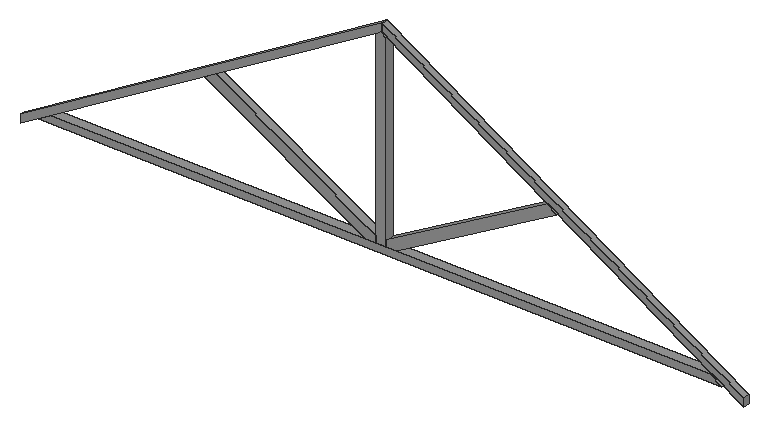
Revit family "QueenPostTruss", category Structural Framing, Revit 2023
Family settings
  Section Shape = Not Defined
  Material for Model Behavior = Wood
  Always export as geometry = No
  OmniClass Number = 23.25.30.21.14
  OmniClass Title = Trussed Beams and Joists
  Work Plane-Based = No
  Always vertical = Yes
  Cut with Voids When Loaded = No
  Symbolic Representation = From Family
  Shared = No
  Show family pre-cut in plan views = Yes
Parameters
  WebWidth [instance] = 120 mm
  WebDepth [instance] = 150 mm
  T_Volume [instance] = 0.00 m³
  TopWidth [instance] = 80 mm
  Structural Material [instance] = Poche
  SpanRight [instance] = 5000 mm
  SpanLeft [instance] = 5000 mm
  Span [instance] = SpanLeft + SpanRight  # 10000 mm
  SlopeRight [instance] = 30.00°
  SlopeLeft [instance] = 30.00°
  OverhangRight [instance] = 300 mm
  OverhangLeft [instance] = 300 mm
  TopDepth [instance] = 100 mm
  BottomWidth [instance] = 150 mm
  BottomDepth [instance] = 100 mm
Reference planes
  plane 1 "Center (Front/Back)": y = 0
  plane 2: z = 0
  plane 3 "Center (Left/Right)": x = 0
  plane 4: x = -5000
  plane 5: x = 5000
  plane 6: x = 5300
  plane 7: x = -5300
  plane 8: z = 100
  plane 9: x = 75
  plane 10: x = -75
  plane 11: x = 2500
  plane 12: x = -2500
Forms (mm)
  Extrusion 1, solid, material "Cherry"
    sketch origin (0, 0, 0) x (1, 0, 0) y (0, 0, 1)
      loop
        line (-5300, -173.205) -> (0, 2886.751) -> (0, 3002.221) -> (-5300, -57.735) -> (-5300, -173.205)
    from -40 to 40
  Extrusion 2, solid, material "Cherry"
    sketch origin (0, 0, 0) x (1, 0, 0) y (0, 0, 1)
      loop
        line (5300, -173.205) -> (5300, -57.735) -> (0, 3002.221) -> (0, 2886.751) -> (5300, -173.205)
    from -40 to 40
  Extrusion 3, solid, material "Cherry"
    sketch origin (0, 0, 0) x (1, 0, 0) y (0, 0, 1)
      loop
        line (-5000, 0) -> (5000, 0) -> (4826.795, 100) -> (-4826.795, 100) -> (-5000, 0)
    from -75 to 75
  Extrusion 4, solid, material "Cherry"
    sketch origin (0, 0, 0) x (1, 0, 0) y (0, 0, 1)
      loop
        line (75, 100) -> (75, 2843.45) -> (0, 2886.751) -> (-75, 2843.45) -> (-75, 100) -> (75, 100)
    from -60 to 60
  Extrusion 5, solid, material "Cherry"
    sketch origin (0, 0, 0) x (1, 0, 0) y (0, 0, 1)
      loop
        line (229.772, 100) -> (2575.787, 1399.62) -> (2424.213, 1487.131) -> (75, 185.739) -> (75, 100) -> (229.772, 100)
    from -60 to 60
  Extrusion 6, solid, material "Cherry"
    sketch origin (0, 0, 0) x (1, 0, 0) y (0, 0, 1)
      loop
        line (-229.772, 100) -> (-75, 100) -> (-75, 185.739) -> (-2424.213, 1487.131) -> (-2575.787, 1399.62) -> (-229.772, 100)
    from -60 to 60
Lines and regions (mm)
  reference lines
    curve 1: line (5000, 0, 0) -> (2315.321, 0, 1550)
    curve 2: line (-5000, 0, 0) -> (-1968.911, 0, 1750)
    curve 3: line (4991.574, 0, 120.335) -> (-8.024, 0, 3006.854)
    curve 4: line (-4966.214, 0, 134.977) -> (-109.65, 0, 2938.915)
    curve 5: line (0, 40, 1939.254) -> (0, 40, -520.746)
    curve 6: line (0, -40, 1939.254) -> (0, -40, -520.746)
    curve 7: line (0, -60, 1939.254) -> (0, -60, -520.746)
    curve 8: line (0, -75, 1939.254) -> (0, -75, -520.746)
    curve 9: line (0, 60, 1939.254) -> (0, 60, -520.746)
    curve 10: line (0, 75, 1939.254) -> (0, 75, -520.746)
    curve 11: line (75, 0, 100) -> (2500, 0, 1443.376)
    curve 12: line (-75, 0, 100) -> (-2500, 0, 1443.376)
    curve 13: line (-88.926, 0, 94.929) -> (2374.346, 0, 1459.506)
    curve 14: line (1.696, 0, -26.348) -> (3007.75, 0, 1638.915)
    curve 15: line (88.926, 0, 94.929) -> (-2374.346, 0, 1459.506)
    curve 16: line (-1.696, 0, -26.348) -> (-2625.654, 0, 1427.245)
Dimensions and locks
  "SpanLeft": plane 3 "Center (Left/Right)" to plane 5
  "SpanRight": plane 3 "Center (Left/Right)" to plane 4
  "OverhangLeft": plane 5 to plane 6
  "OverhangRight": plane 7 to plane 4
  "BottomDepth": level to plane 8
  equal spacing: plane 10, plane 3 "Center (Left/Right)", plane 9
  "WebDepth": plane 10 to plane 9
  "TopDepth": curve 1 to curve 3
  "TopDepth": curve 4 to curve 2
  plane 3 "Center (Left/Right)" to plane 4 = 5000 mm
  equal spacing: plane 3 "Center (Left/Right)", plane 11, plane 5
  equal spacing: curve 5, curve 4, curve 6
  "TopWidth": curve 5 to curve 6
  equal spacing: curve 9, curve 4, curve 7
  "WebWidth": curve 9 to curve 7
  equal spacing: curve 10, curve 4, curve 8
  "BottomWidth": curve 10 to curve 8
  equal spacing: plane 5, plane 11, plane 3 "Center (Left/Right)"
  equal spacing: plane 4, plane 12, plane 3 "Center (Left/Right)"
  equal spacing: curve 14, curve 11, curve 13
  "WebDepth": curve 14 to curve 13
  equal spacing: curve 15, curve 12, curve 16
  "WebDepth": curve 15 to curve 16
  "SlopeLeft": angle level to curve 1
  "SlopeRight": angle curve 2 to level
  aligned and locked: plane 2 to level
  aligned and locked: Extrusion 1 sketch curve to curve 2
  aligned and locked: Extrusion 1 sketch curve to curve 4
  aligned and locked: Extrusion 1 sketch curve to curve 6
  aligned and locked: plane 7 to Extrusion 1 sketch curve
  aligned and locked: Extrusion 2 sketch curve to curve 1
  aligned and locked: Extrusion 2 sketch curve to curve 3
  aligned and locked: Extrusion 2 sketch curve to curve 6
  aligned and locked: Extrusion 2 sketch curve to plane 6
  aligned and locked: Extrusion 3 sketch curve to level
  aligned and locked: Extrusion 3 sketch curve to plane 8
  aligned and locked: Extrusion 1 to Extrusion 3 sketch curve
  aligned and locked: Extrusion 2 to Extrusion 3 sketch curve
  aligned and locked: Extrusion 2 to curve 6
  aligned and locked: Extrusion 2 to curve 5
  aligned and locked: Extrusion 1 to curve 6
  aligned and locked: Extrusion 1 to curve 5
  aligned and locked: Extrusion 3 to curve 8
  aligned and locked: curve 10 to Extrusion 3
  aligned and locked: plane 8 to curve 11
  aligned and locked: Extrusion 4 sketch curve to plane 9
  aligned and locked: plane 10 to Extrusion 4 sketch curve
  aligned and locked: Extrusion 3 to Extrusion 4 sketch curve
  aligned and locked: Extrusion 4 sketch curve to Extrusion 2
  aligned and locked: Extrusion 1 to Extrusion 4 sketch curve
  aligned and locked: curve 14 to Extrusion 5 sketch curve
  aligned and locked: curve 13 to Extrusion 5 sketch curve
  aligned and locked: Extrusion 2 to Extrusion 5 sketch curve
  aligned and locked: Extrusion 5 sketch curve to Extrusion 4
  aligned and locked: Extrusion 3 to Extrusion 5 sketch curve
  aligned and locked: curve 16 to Extrusion 6 sketch curve
  aligned and locked: curve 15 to Extrusion 6 sketch curve
  aligned and locked: Extrusion 1 to Extrusion 6 sketch curve
  aligned and locked: Extrusion 4 to Extrusion 6 sketch curve
  aligned and locked: Extrusion 3 to Extrusion 6 sketch curve
  aligned and locked: curve 9 to Extrusion 6
  aligned and locked: Extrusion 6 to curve 7
  aligned and locked: Extrusion 4 to curve 9
  aligned and locked: Extrusion 4 to curve 7
  aligned and locked: curve 9 to Extrusion 5
  aligned and locked: Extrusion 5 to curve 7
Automatic sketch dimensions
  curve 2 to level = 0 mm
  plane 4 to curve 2 = 0 mm
  curve 12 to plane 12 = 0 mm
  curve 12 to plane 8 = 0 mm
  curve 12 to plane 10 = 0 mm
  plane 9 to curve 11 = 0 mm
  curve 11 to plane 11 = 0 mm
  curve 1 to level = 0 mm
  plane 5 to curve 1 = 0 mm
  curve 4 to plane 4 = 33.786 mm
  curve 16 to plane 12 = 125.654 mm
  plane 12 to curve 15 = 125.654 mm
  curve 4 to plane 10 = 34.65 mm
  curve 3 to plane 3 "Center (Left/Right)" = 8.024 mm
  curve 13 to plane 8 = 5.071 mm
  curve 16 to plane 3 "Center (Left/Right)" = 1.696 mm
  plane 3 "Center (Left/Right)" to curve 14 = 1.696 mm
  curve 15 to plane 8 = 5.071 mm
  plane 11 to curve 13 = 125.654 mm
  curve 14 to plane 11 = 507.75 mm
  plane 5 to curve 3 = 8.426 mm
  curve 10 to level = 520.746 mm
  curve 5 to curve 10 = 0 mm
  curve 8 to curve 5 = 0 mm
  curve 8 to curve 6 = 0 mm  (x2)
  curve 8 to curve 7 = 0 mm  (x2)
  curve 9 to curve 10 = 0 mm  (x2)
  plane 8 to curve 6 = 1839.254 mm
  curve 6 to curve 9 = 0 mm
  curve 5 to curve 9 = 0 mm
